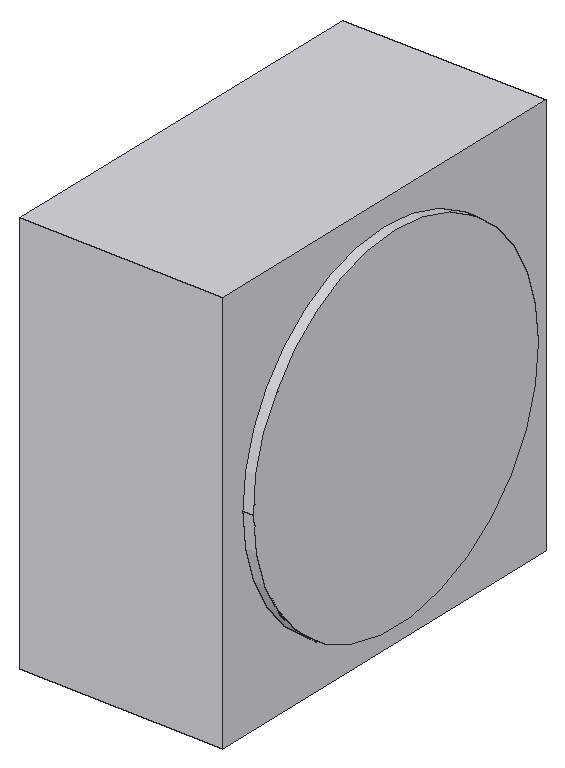
Revit family "Фильтр кассетный DRF", category Оборудование, Revit 2022
Family settings
  Размер круглого соединителя = Использовать диаметр
  Тип детали = Нормальный
  Номер OmniClass = 23.75.00.00
  Заголовок OmniClass = Climate Control (HVAC)
  На основе рабочей плоскости = Нет
  Всегда вертикально = Да
  При загрузке вырезать с полостями = Нет
  Сохранять ориентацию аннотаций = Нет
  Общий = Да
  Точка принадлежности помещению = Нет
Parameters (values of type "Фильтр кассетный DRF 315")
  Default Elevation = 0 mm
  URL = ""
  Cost = 0
  ADSK_Система_Имя [instance] = ""
  ADSK_Расход воздуха = 0.0 m³/h
  ADSK_Размер_Ширина_H = 358 mm
  ADSK_Размер_Диаметр_D = 315 mm
  ADSK_Потеря давления воздуха = 0.0 Pa
  ADSK_Наименование краткое = "DRF 315"
  ADSK_Наименование [instance] = "Фильтр кассетный DRF 315"
  ADSK_Масса_Текст = "13.29"
  ADSK_Масса = 13.29
  ADSK_Марка = ""
  ADSK_Количество [instance] = 1  # constant formula
  ADSK_Код изделия = ""
  ADSK_Завод-изготовитель = "WAER"  # constant formula
  ADSK_Единица измерения = "шт."  # constant formula
  ADSK_URL страницы изделия = ""
  ADSK_URL документации изделия = ""
Types (6, lengths in mm): name | ADSK_Размер_Ширина_H | ADSK_Размер_Диаметр_D | ADSK_Наименование краткое | ADSK_Наименование | ADSK_Масса_Текст | ADSK_Масса
  Фильтр кассетный DRF 100 | 138 | 100 | "DRF 100" | "Фильтр кассетный DRF 100" | "6.59" | 6.59
  Фильтр кассетный DRF 125 | 168 | 125 | "DRF 125" | "Фильтр кассетный DRF 125" | "8.89" | 8.89
  Фильтр кассетный DRF 160 | 198 | 160 | "DRF 160" | "Фильтр кассетный DRF 160" | "8.01" | 8.01
  Фильтр кассетный DRF 200 | 243 | 200 | "DRF 200" | "Фильтр кассетный DRF 200" | "10.73" | 10.73
  Фильтр кассетный DRF 250 | 293 | 250 | "DRF 250" | "Фильтр кассетный DRF 250" | "10.01" | 10.01
  Фильтр кассетный DRF 315 | 358 | 315 | "DRF 315" | "Фильтр кассетный DRF 315" | "13.29" | 13.29
Reference planes
  plane 1 "Center (Front/Back)": y = 0
  plane 2: z = 0
  plane 3 "Center (Left/Right)": x = 0
  plane 4: y = 179
  plane 5: y = -179
  plane 6: z = 179
  plane 7: z = -179
  plane 8: x = 90
  plane 9: x = -90
  plane 10: x = 100
  plane 11: x = -100
Forms (mm)
  Extrusion 1, solid
    sketch origin (0, 0, 0) x (0, 1, 0) y (0, 0, 1)
      loop
        line (179, 179) -> (-179, 179) -> (-179, -179) -> (179, -179) -> (179, 179)
    from -90 to 90
  Extrusion 2, solid
    sketch origin (0, 0, 0) x (0, 1, 0) y (0, 0, 1)
      loop
        circle (0, 0) r 157.5
    from 90 to 100
  Extrusion 3, solid
    sketch origin (0, 0, 0) x (0, 1, 0) y (0, 0, 1)
      loop
        circle (0, 0) r 157.5
    from -100 to -90
Dimensions and locks
  equal spacing: plane 4, plane 1 "Center (Front/Back)", plane 5
  "ADSK_Размер_Ширина_H": plane 4 to plane 5
  equal spacing: plane 6, plane 2, plane 7
  "ADSK_Размер_Ширина_H": plane 6 to plane 7
  equal spacing: plane 9, plane 3 "Center (Left/Right)", plane 8
  plane 9 to plane 8 = 180 mm
  equal spacing: Extrusion 2 sketch curve, plane 2, Extrusion 2 sketch curve
  equal spacing: Extrusion 2 sketch curve, plane 1 "Center (Front/Back)", Extrusion 2 sketch curve
  locked: plane 11 to plane 9 at 10
  locked: plane 8 to plane 10 at 10
  equal spacing: Extrusion 3 sketch curve, plane 2, Extrusion 3 sketch curve
  equal spacing: Extrusion 3 sketch curve, plane 1 "Center (Front/Back)", Extrusion 3 sketch curve
  "ADSK_Размер_Диаметр_D": diameter of Extrusion 2 sketch curve
  "ADSK_Размер_Диаметр_D": diameter of Extrusion 3 sketch curve
  aligned and locked: level to plane 2
  aligned and locked: plane 6 to Extrusion 1 sketch curve
  aligned and locked: Extrusion 1 sketch curve to plane 4
  aligned and locked: plane 7 to Extrusion 1 sketch curve
  aligned and locked: plane 5 to Extrusion 1 sketch curve
  aligned and locked: plane 8 to Extrusion 1
  aligned and locked: Extrusion 1 to plane 9
  aligned and locked: Extrusion 2 to Extrusion 1
  aligned and locked: plane 10 to Extrusion 2
  aligned and locked: Extrusion 3 to plane 11
  aligned and locked: Extrusion 3 to Extrusion 1
Connectors
  hvac at (100, 0, 0), driven by "ADSK_Размер_Диаметр_D"
    settings: on Extrusion 2, index 1, duct flow 0.0 m³/h, flow factor 0, pres drop 0.0 Pa, loss coef 0, conn angle 0.00°, conn width 304.8 mm, conn height 304.8 mm, conn diameter 315 mm, duct sys type 29, conn prof type 0, flow config 0, flow direction 0, loss method 0, conn ref index 2, conn util no, is conn primary yes, conn desc ""
  hvac at (-100, 0, 0), driven by "ADSK_Размер_Диаметр_D"
    settings: on Extrusion 3, index 2, duct flow 0.0 m³/h, flow factor 0, pres drop 0.0 Pa, loss coef 0, conn angle 0.00°, conn width 304.8 mm, conn height 304.8 mm, conn diameter 315 mm, duct sys type 29, conn prof type 0, flow config 0, flow direction 0, loss method 0, conn ref index 1, conn util no, is conn primary no, conn desc ""
